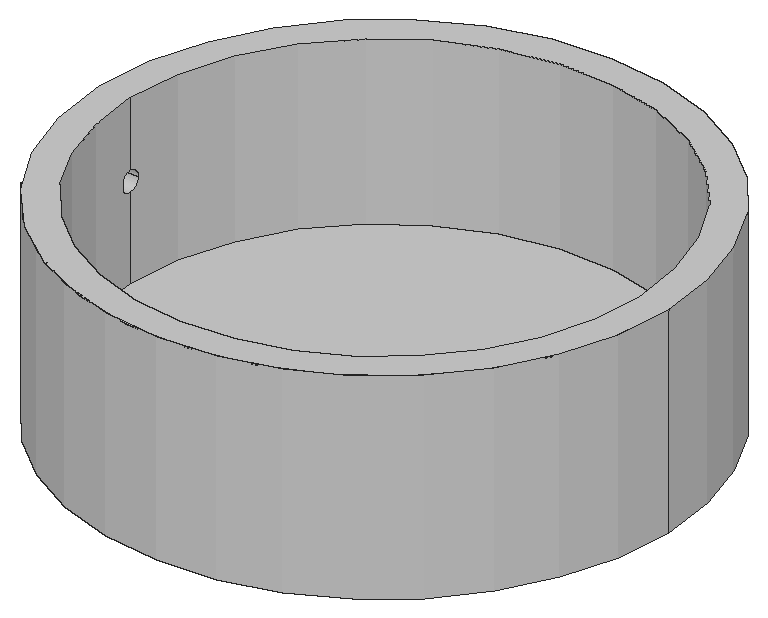
Revit family "KOD 15.6", category Фундамент несущей конструкции, Revit 2025
Family settings
  Материал для поведения модели = Прочее
  Заглушка = Нет
  Номер OmniClass = 23.25.05.00
  Заголовок OmniClass = Foundations
  На основе рабочей плоскости = Нет
  Всегда вертикально = Да
  При загрузке вырезать с полостями = Нет
  Общий = Нет
  Показывать семейство разрезанным на планах = Да
Parameters
  Петля = Петля_П1_П2 : П2
Reference planes
  plane 1 "По центру (Вперед/Назад)": y = -35
  plane 2: z = 0
  plane 3 "По центру (Влево/Вправо)": x = 0
  plane 4: z = 590
  plane 5: x = -840
  plane 6: x = -750
  plane 7: x = 750
  plane 8: x = 840
  plane 9: z = 150
  plane 10: x = -830
  plane 11: x = 830
  plane 12: z = 370
Forms (mm)
  Extrusion 1, solid, material "Бетон В15"
    sketch origin (0, 0, 0) x (1, 0, 0) y (0, 1, 0)
      loop
        circle (0, -35) r 840
      loop
        circle (0, -35) r 750
    from 0 to 590
  Extrusion 2, solid, material "Бетон В15"
    sketch origin (0, 0, 0) x (1, 0, 0) y (0, 1, 0)
      loop
        circle (0, -35) r 750
    from 0 to 100
  Extrusion 3, void
    sketch origin (0, 0, 0) x (0, 1, 0) y (0, 0, 1)
      loop
        circle (-35, 370) r 30
    from -830 to 830
Cuts and joins
  Extrusion 3 cuts Extrusion 1
  joined: Extrusion 1, Extrusion 2
Dimensions and locks
  plane 4 to level = 590 mm
  plane 12 to level = 370 mm
  aligned and locked: plane 2 to level
